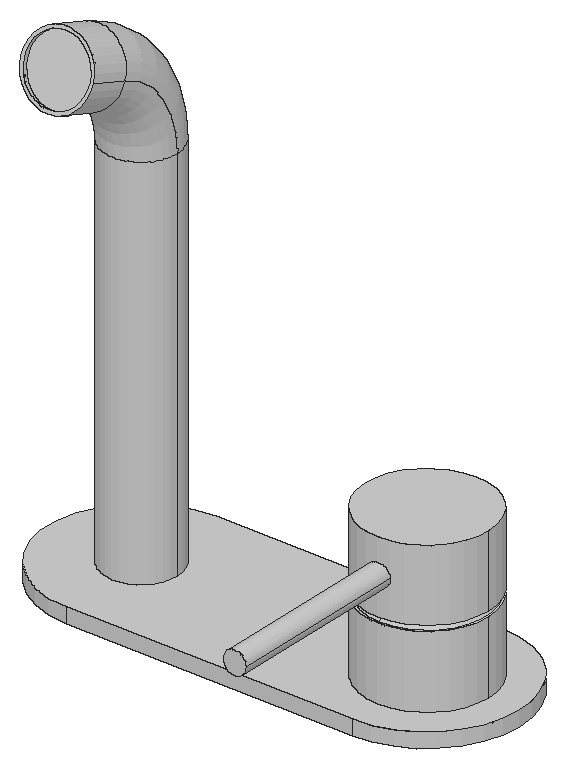
Revit family "Liano II - 175mm Wall basin-bath mixer - Rounded Cover Plate", category Specialty Equipment, host Face, Revit 2019
Family settings
  Host = Face
  Round Connector Dimension = Use Radius
  Part Type = Normal
  OmniClass Number = 23.45.55.17
  OmniClass Title = Mixing Faucets
  Cut with Voids When Loaded = No
  Shared = No
  Room Calculation Point = No
Parameters (values of type "Liano II - 175mm Wall basin/bath mixer - Rounded Cover Plate - Chrome")
  URL = "https://www.caroma.com.au/"
  Model = "96345C6A"
  Material_Base = GWA_Metal-Chrome
  Manufacturer = "GWA Bathrooms & Kitchens"  # constant formula
  Keynote = ""
  Description = "Liano II - 175mm Wall basin/bath mixer - Rounded Cover Plate - Chrome"
  Default Elevation = 1000 mm
  CreatedBy_ANZRS = "GWA Bathrooms & Kitchens"  # constant formula
  Assembly Code = "C1030220"
Types (6, lengths in mm): name | Model | Material_Base | Description
  (no name) | "96345C6A" | GWA_Metal-Chrome | "Liano II - 175mm Wall basin/bath mixer - Rounded Cover Plate - Chrome"
  Liano II - 175mm Wall basin/bath mixer - Rounded Cover Plate - Chrome | "96345C6A" | GWA_Metal-Chrome | "Liano II - 175mm Wall basin/bath mixer - Rounded Cover Plate - Chrome"
  Liano II - 175mm Wall basin/bath mixer - Rounded Cover Plate - Matte Black | "96345B6A" | GWA-Metal-Black | "Liano II - 175mm Wall basin/bath mixer - Rounded Cover Plate - Matte Black"
  Liano II - 175mm Wall basin/bath mixer - Rounded Cover Plate - Brass | "96345BB6A" | GWA_Metal-Brushed-Brass | "Liano II - 175mm Wall basin/bath mixer - Rounded Cover Plate - Brass"
  Liano II - 175mm Wall basin/bath mixer - Rounded Cover Plate - Gunmetal | "96345GM6A" | GWA-Metal-Gunmetal Grey | "Liano II - 175mm Wall basin/bath mixer - Rounded Cover Plate - Gunmetal"
  Liano II - 175mm Wall basin/bath mixer - Rounded Cover Plate - Brushed Nickel | "96345BN6A" | GWA_Metal-Brushed-Nickel | "Liano II - 175mm Wall basin/bath mixer - Rounded Cover Plate - Brushed Nickel"
Reference planes
  plane 1 "Center (Front/Back)": y = 0
  plane 2: z = 0
  plane 3 "Center (Left/Right)": x = 0
Forms (mm)
  Extrusion 1, solid, material "GWA_Metal-Chrome" <- "Material_Base"
    sketch origin (0, 0, 0) x (1, 0, 0) y (0, 1, 0)
      loop
        line (0, 32.5) -> (-100, 32.5)
        arc (-100, 32.5) -> (-132.5, 0) -> (-100, -32.5) r 32.5
        line (-100, -32.5) -> (0, -32.5)
        arc (0, -32.5) -> (32.5, 0) -> (0, 32.5) r 32.5
    from 0 to 5.2
  Extrusion 2, solid, material "GWA_Metal-Chrome" <- "Material_Base"
    sketch origin (0, 0, 0) x (1, 0, 0) y (0, 1, 0)
      loop
        circle (0, 0) r 21.5
    from 5.2 to 30.5
  Extrusion 3, solid, material "GWA_Metal-Chrome" <- "Material_Base"
    sketch origin (0, 0, 0) x (1, 0, 0) y (0, 1, 0)
      loop
        circle (0, 0) r 21.5
    from 32.5 to 57.5
  Revolve 4, solid, material "GWA_Metal-Chrome" <- "Material_Base"
    sketch origin (0, 0, 0) x (0, 1, 0) y (0, 0, 1)
      loop
        line (0, 30.5) -> (20.6, 30.5)
        arc (20.6, 30.5) -> (18.521, 33.852) -> (15.9, 36.8) r 23
        line (15.9, 36.8) -> (0, 36.8) -> (0, 30.5)
      axis (0, 36.8) -> (0, 30.5)
    angle from 0 to 360
  Extrusion 5, solid, material "GWA_Metal-Chrome" <- "Material_Base"
    sketch origin (0, 0, 0) x (1, 0, 0) y (0, 0, 1)
      loop
        circle (0, 45.5) r 4
    from 0 to 84
  Sweep 6, solid, material "GWA_Metal-Chrome" <- "Material_Base"
    path origin (-100, 0, 0) x (0, 1, 0) y (0, 0, 1)
      loop
        line (0, 5.2) -> (0, 137.593)
        arc (0, 137.593) -> (-6.33, 157.668) -> (-23.029, 170.482) r 35
        line (-23.029, 170.482) -> (-36.648, 175.439)
    profile origin (-100, 0, 71.396) x (0, -1, 0) y (1, 0, 0)
      loop
        circle (0, 0) r 12.7
  Extrusion 7, void
    sketch origin (0, -88.746, 31.501) x (0, 0.34202, 0.939693) y (1, 0, 0)
      loop
        circle (153.076, -100) r 11.5
    from -1 to 1
Cuts and joins
  joined: Extrusion 3, Extrusion 5
  Extrusion 7 cuts Sweep 6
Lines and regions (mm)
  Masking region 1
    outline origin (0, 0, 0) x (1, 0, 0) y (0, 1, 0)
      loop
        arc (-100, 32.5) -> (-131.847, 6.48) -> (-112.7, -29.916) r 32.5
        line (-112.7, -29.916) -> (-112.7, -36.648)
        spline (-112.7, -36.648) -> (-112.267, -37.772) -> (-110.999, -38.82) -> (-108.98, -39.719) -> (-106.35, -40.41) -> (-103.287, -40.844) -> (-100, -40.992) -> (-96.713, -40.844) -> (-93.65, -40.41) -> (-91.02, -39.719) -> (-89.001, -38.82) -> (-87.733, -37.772) -> (-87.3, -36.648)
        line (-87.3, -36.648) -> (-87.3, -32.5) -> (-4, -32.5) -> (-4, -84) -> (4, -84) -> (4, -32.253)
        arc (4, -32.253) -> (32.438, 2.004) -> (0, 32.5) r 32.5
        line (0, 32.5) -> (-100, 32.5)
  Masking region 2
    outline origin (0, 0, 0) x (1, 0, 0) y (0, 0, 1)
      loop
        line (-112.7, 5.2) -> (-132.5, 5.2) -> (-132.5, 0) -> (32.5, 0) -> (32.5, 5.2) -> (21.5, 5.2) -> (21.5, 30.5) -> (20.6, 30.5)
        arc (20.6, 30.5) -> (20.053, 31.514) -> (19.457, 32.5) r 23
        line (19.457, 32.5) -> (21.5, 32.5) -> (21.5, 57.5) -> (-21.5, 57.5) -> (-21.5, 32.5) -> (-19.457, 32.5)
        arc (-19.457, 32.5) -> (-20.053, 31.514) -> (-20.6, 30.5) r 23
        line (-20.6, 30.5) -> (-21.5, 30.5) -> (-21.5, 5.2) -> (-87.3, 5.2) -> (-87.3, 175.439)
        spline (-87.3, 175.439) -> (-87.733, 178.528) -> (-89.001, 181.406) -> (-91.02, 183.877) -> (-93.65, 185.774) -> (-96.713, 186.966) -> (-100, 187.373) -> (-103.287, 186.966) -> (-106.35, 185.774) -> (-108.98, 183.877) -> (-110.999, 181.406) -> (-112.267, 178.528) -> (-112.7, 175.439)
        line (-112.7, 175.439) -> (-112.7, 5.2)
  Masking region 3
    outline origin (-100, 0, 0) x (0, 1, 0) y (0, 0, 1)
      loop
        line (12.7, 57.5) -> (12.7, 137.593)
        arc (12.7, 137.593) -> (4.074, 164.952) -> (-18.686, 182.416) r 47.7
        line (-18.686, 182.416) -> (-32.304, 187.373) -> (-40.992, 163.505) -> (-27.373, 158.548)
        arc (-27.373, 158.548) -> (-16.733, 150.383) -> (-12.7, 137.593) r 22.3
        line (-12.7, 137.593) -> (-12.7, 57.5) -> (-21.5, 57.5) -> (-21.5, 49.5) -> (-84, 49.5) -> (-84, 41.5) -> (-21.5, 41.5) -> (-21.5, 32.5) -> (-19.457, 32.5)
        arc (-19.457, 32.5) -> (-20.053, 31.514) -> (-20.6, 30.5) r 23
        line (-20.6, 30.5) -> (-21.5, 30.5) -> (-21.5, 5.2) -> (-32.5, 5.2) -> (-32.5, 0) -> (32.5, 0) -> (32.5, 5.2) -> (21.5, 5.2) -> (21.5, 30.5) -> (20.6, 30.5)
        arc (20.6, 30.5) -> (20.053, 31.514) -> (19.457, 32.5) r 23
        line (19.457, 32.5) -> (21.5, 32.5) -> (21.5, 57.5) -> (12.7, 57.5)
  symbolic lines
    curve 1: circle (0, 0, 0) r 21.5 normal (0, 0, 1)
    curve 2: line (-4, -84, 0) -> (4, -84, 0)
    curve 3: line (4, -84, 0) -> (4, -21.125, 0)
    curve 4: line (-4, -84, 0) -> (-4, -21.125, 0)
    curve 5: spline (-112.7, -36.648, 0) -> (-112.267, -37.772, 0) -> (-110.999, -38.82, 0) -> (-108.98, -39.719, 0) -> (-106.35, -40.41, 0) -> (-103.287, -40.844, 0) -> (-100, -40.992, 0) -> (-96.713, -40.844, 0) -> (-93.65, -40.41, 0) -> (-91.02, -39.719, 0) -> (-89.001, -38.82, 0) -> (-87.733, -37.772, 0) -> (-87.3, -36.648, 0)
    curve 6: spline (-100, -32.715, 0) -> (-97.024, -32.849, 0) -> (-94.25, -33.242, 0) -> (-91.868, -33.867, 0) -> (-90.041, -34.681, 0) -> (-88.892, -35.63, 0) -> (-88.5, -36.648, 0) -> (-88.892, -37.666, 0) -> (-90.041, -38.615, 0) -> (-91.868, -39.429, 0) -> (-94.25, -40.054, 0) -> (-97.024, -40.447, 0) -> (-100, -40.581, 0)
    curve 7: spline (-111.418, -36.178, 0) -> (-110.756, -37.1, 0) -> (-109.469, -37.94, 0) -> (-107.631, -38.651, 0) -> (-105.348, -39.19, 0) -> (-102.754, -39.527, 0) -> (-100, -39.642, 0) -> (-97.246, -39.527, 0) -> (-94.652, -39.19, 0) -> (-92.369, -38.651, 0) -> (-90.531, -37.94, 0) -> (-89.244, -37.1, 0) -> (-88.582, -36.178, 0)
    curve 8: spline (-100, -40.581, 0) -> (-102.976, -40.447, 0) -> (-105.75, -40.054, 0) -> (-108.132, -39.429, 0) -> (-109.959, -38.615, 0) -> (-111.108, -37.666, 0) -> (-111.5, -36.648, 0) -> (-111.108, -35.63, 0) -> (-109.959, -34.681, 0) -> (-108.132, -33.867, 0) -> (-105.75, -33.242, 0) -> (-102.976, -32.849, 0) -> (-100, -32.715, 0)
    curve 9: spline (-87.3, -36.648, 0) -> (-87.733, -35.524, 0) -> (-89.001, -34.476, 0) -> (-91.02, -33.577, 0) -> (-93.65, -32.886, 0) -> (-96.713, -32.452, 0) -> (-100, -32.304, 0) -> (-103.287, -32.452, 0) -> (-106.35, -32.886, 0) -> (-108.98, -33.577, 0) -> (-110.999, -34.476, 0) -> (-112.267, -35.524, 0) -> (-112.7, -36.648, 0)
    curve 10: line (-112.7, -36.648, 0) -> (-112.7, 0, 0)
    curve 11: line (-87.3, 0, 0) -> (-87.3, -36.648, 0)
    curve 12: arc (-112.7, 0, 0) -> (-100, 12.7, 0) -> (-87.3, 0, 0) r 12.7
    curve 13: line (-132.5, 0, 5.2) -> (-132.5, 0, 0)
    curve 14: line (32.5, 0, 5.2) -> (-132.5, 0, 5.2)
    curve 15: line (32.5, 0, 0) -> (32.5, 0, 5.2)
    curve 16: line (-132.5, 0, 0) -> (32.5, 0, 0)
    curve 17: line (21.5, 0, 57.5) -> (-21.5, 0, 57.5)
    curve 18: line (21.5, 0, 32.5) -> (21.5, 0, 57.5)
    curve 19: line (-21.5, 0, 32.5) -> (21.5, 0, 32.5)
    curve 20: line (-21.5, 0, 57.5) -> (-21.5, 0, 32.5)
    curve 21: line (21.5, 0, 5.2) -> (21.5, 0, 30.5)
    curve 22: line (21.5, 0, 30.5) -> (-21.5, 0, 30.5)
    curve 23: line (-21.5, 0, 30.5) -> (-21.5, 0, 5.2)
    curve 24: line (-87.3, 0, 175.439) -> (-87.3, 0, 5.2)
    curve 25: line (-112.7, 0, 175.439) -> (-112.7, 0, 5.2)
    curve 26: spline (-87.3, 0, 175.439) -> (-87.733, 0, 178.528) -> (-89.001, 0, 181.406) -> (-91.02, 0, 183.877) -> (-93.65, 0, 185.774) -> (-96.713, 0, 186.966) -> (-100, 0, 187.373) -> (-103.287, 0, 186.966) -> (-106.35, 0, 185.774) -> (-108.98, 0, 183.877) -> (-110.999, 0, 181.406) -> (-112.267, 0, 178.528) -> (-112.7, 0, 175.439)
    curve 27: arc (-19.457, 0, 32.5) -> (-20.053, 0, 31.514) -> (-20.6, 0, 30.5) r 23
    curve 28: arc (19.457, 0, 32.5) -> (20.053, 0, 31.514) -> (20.6, 0, 30.5) r 23
    curve 29: line (-100, -18.686, 182.416) -> (-100, -32.304, 187.373)
    curve 30: line (-100, -27.373, 158.548) -> (-100, -40.992, 163.505)
    curve 31: arc (-100, -27.373, 158.548) -> (-100, -16.733, 150.383) -> (-100, -12.7, 137.593) r 22.3
    curve 32: arc (-100, -18.686, 182.416) -> (-100, 4.074, 164.952) -> (-100, 12.7, 137.593) r 47.7
    curve 33: line (-100, 12.7, 57.5) -> (-100, 12.7, 137.593)
    curve 34: line (-100, -12.7, 57.5) -> (-100, -12.7, 137.593)
    curve 35: line (-100, -32.304, 187.373) -> (-100, -40.992, 163.505)
    curve 36: line (-100, -32.5, 5.2) -> (-100, 32.5, 5.2)
    curve 37: line (-100, -32.5, 0) -> (-100, -32.5, 5.2)
    curve 38: line (-100, 32.5, 0) -> (-100, -32.5, 0)
    curve 39: line (-100, 32.5, 5.2) -> (-100, 32.5, 0)
    curve 40: line (-100, -21.5, 57.5) -> (-100, 21.5, 57.5)
    curve 41: line (-100, -21.5, 32.5) -> (-100, -21.5, 41.5)
    curve 42: line (-100, 21.5, 57.5) -> (-100, 21.5, 32.5)
    curve 43: line (-100, 21.5, 30.5) -> (-100, 21.5, 5.2)
    curve 44: line (-100, -21.5, 30.5) -> (-100, -21.5, 5.2)
    curve 45: line (-100, -84, 49.5) -> (-100, -21.5, 49.5)
    curve 46: line (-100, -84, 41.5) -> (-100, -84, 49.5)
    curve 47: line (-100, -21.5, 41.5) -> (-100, -84, 41.5)
    curve 48: arc (-100, -21.5, 49.5) -> (-100, -21.125, 45.5) -> (-100, -21.5, 41.5) r 21.5
    curve 49: arc (-100, 19.457, 32.5) -> (-100, 20.053, 31.514) -> (-100, 20.6, 30.5) r 23
    curve 50: arc (-100, -19.457, 32.5) -> (-100, -20.053, 31.514) -> (-100, -20.6, 30.5) r 23
    curve 51: line (-100, -21.5, 49.5) -> (-100, -21.5, 57.5)
    curve 52: line (-100, -21.5, 32.5) -> (-100, 21.5, 32.5)
    curve 53: line (-100, 21.5, 30.5) -> (-100, -21.5, 30.5)
Dimensions and locks
  aligned and locked: plane 2 to host face
  aligned and locked: level to host face
Connectors
  piping at (-10, 0, 0), diameter 20
    settings: index 1, connector inside diameter 609.6 mm, connector length 0 mm, flow factor 0, pipe flow 0.0 L/s, pressure drop 0.0 Pa, fitting loss kfactor 0, connector angle 0.00°, fixture units 0, engagement length 0 mm, angle of deflection 0.00°, flow configuration 3, flow direction 1, fitting loss method 0, system type 19, joint type 0, gender type 0, connector reference index -1, connector utility 0, adjustable connector no, is connector primary yes, connector description ""
  piping at (10, 0, 0), diameter 20
    settings: index 2, connector inside diameter 609.6 mm, connector length 0 mm, flow factor 0, pipe flow 0.0 L/s, pressure drop 0.0 Pa, fitting loss kfactor 0, connector angle 0.00°, fixture units 0, engagement length 0 mm, angle of deflection 0.00°, flow configuration 3, flow direction 1, fitting loss method 0, system type 20, joint type 0, gender type 0, connector reference index -1, connector utility 0, adjustable connector no, is connector primary no, connector description ""
